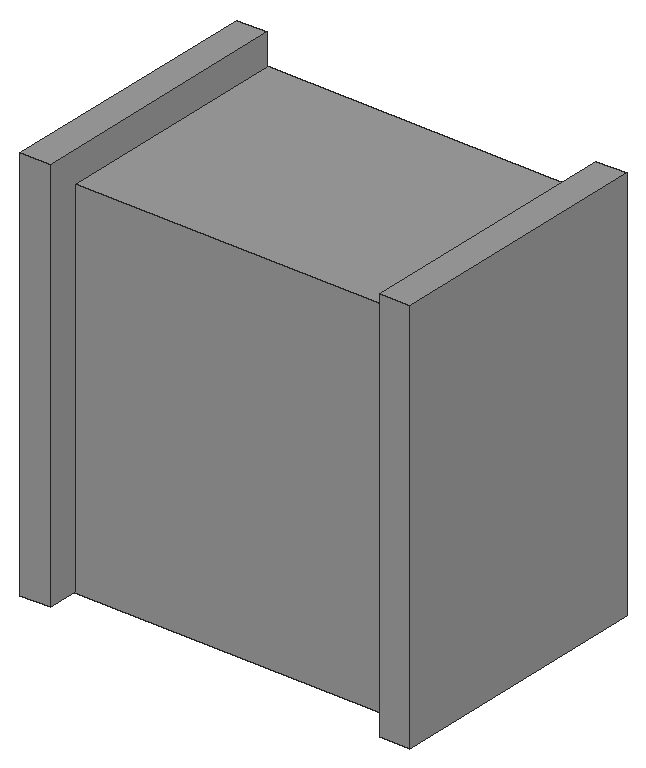
Revit family "Cabinet", category 家具, Revit 2025
Family settings
  OmniClass 编号 = 23.40.20.00
  OmniClass 标题 = General Furniture and Specialties
  基于工作平面 = 否
  视图中启用分割 = 否
  总是垂直 = 是
  载入时剪切的空心 = 否
  渲染外观源 = 族几何图形
  共享 = 否
  房间计算点 = 否
Parameters
  默认高程 = 0 mm
Reference planes
  plane 1 "中心(前/后)": y = 0
  plane 2: z = 0
  plane 3 "中心(左/右)": x = 0
  plane 4: x = 270
  plane 5: x = -270
  plane 6: y = 197
  plane 7: y = -197
  plane 8: x = -320
  plane 9: x = 320
  plane 10: y = -247
Forms (mm)
  Extrusion 1, solid, material "默认墙"
    sketch origin (0, 0, 0) x (1, 0, 0) y (0, 1, 0)
      loop
        line (-270, 197) -> (-270, -197) -> (270, -197) -> (270, 197) -> (-270, 197)
    from 0 to 600
  Extrusion 2, solid, material "默认墙"
    sketch origin (0, 0, 0) x (1, 0, 0) y (0, 1, 0)
      loop
        line (-320, 197) -> (-320, -247) -> (-270, -247) -> (-270, 197) -> (-320, 197)
      loop
        line (270, 197) -> (270, -247) -> (320, -247) -> (320, 197) -> (270, 197)
    from 0 to 650
Dimensions and locks
  aligned and locked: level to plane 2
